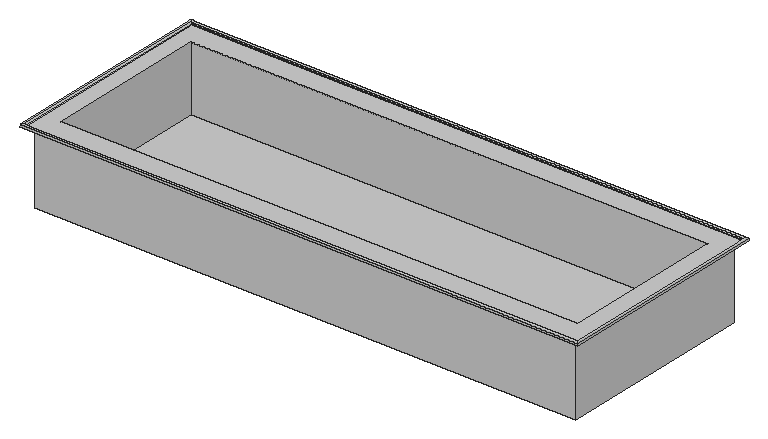
Revit family "QF_VOLLRATH_36446R", category Specialty Equipment, Revit 2016
Family settings
  Part Type = Normal
  Round Connector Dimension = Use Diameter
  OmniClass Number = 23.40.40.14.24.14
  OmniClass Title = Service Line Equipment
  Work Plane-Based = Yes
  Always vertical = Yes
  Cut with Voids When Loaded = Yes
  Shared = No
  Room Calculation Point = No
Parameters (values of type "36446R")
  Weight in Pounds = 0
  Waste Water Discharge Temperature [instance] = 0 °F
  Waste Remarks = ""
  URL Cutsheet = "www.vollrathfoodservice.com/downloads/59989/SPCDrop-inRemoteRefrigNSF7StndrdColdPanL35708en2013-07-30-pdf"
  URL = "www.vollrathfoodservice.com"
  Status [instance] = ""
  Specification by User [instance] = ""
  Specification by Manufacturer = ""
  Serial Number = ""
  Seismic Rating = ""
  SMACNA No = ""
  Revision Code [instance] = ""
  Refrigerant Volume = 0.00 kip
  Refrigerant Type [instance] = "R290"
  Plumbing Remarks [instance] = ""
  Plumbing Connection Type [instance] = ""
  NAFEM Spec ID Number = ""
  Model = "36446R"
  Masterspec = ""
  Manufacturer = "VOLLRATH US"
  Item Number [instance] = ""
  Installed By [instance] = ""
  Identify Quantity as Lot [instance] = no
  Furnished By [instance] = ""
  Foodservice Equipment Identifier [instance] = yes
  Direct Waste Size = 1"
  Direct Waste RI Height = 0"
  Direct Waste Flow = 0 GPM
  Direct Waste Connection Height = 0"
  Description = "FIVE-WELL REMOTE REFRIGERATED STANDARD DROP-IN COLD WELL"
  Default Elevation = 0"
  CSI MasterFormat = ""
  BTUH = 3900.0 Btu/h
  Author = ""
  Assembly Code = "E1090320"
Reference planes (in)
  plane 1 "Back": y = 0
  plane 2: z = 0
  plane 3 "Left": x = 0
  plane 4 "Front": y = -26
  plane 5 "Top": z = 0
  plane 6 "Right": x = 68
Forms (in)
  Extrusion 1, void
    sketch origin (0, 0, 0) x (1, 0, 0) y (0, 1, 0)
      loop
        line (67.625, -0.375) -> (0.375, -0.375) -> (0.375, -25.625) -> (67.625, -25.625) -> (67.625, -0.375)
    from 3.27425 to -8.875
  Extrusion 2, solid
    sketch origin (0, 0, 0) x (1, 0, 0) y (0, 1, 0)
      loop
        line (67.375, -0.625) -> (0.625, -0.625) -> (0.625, -25.375) -> (67.375, -25.375) -> (67.375, -0.625)
      loop
        line (2.5, -3.0625) -> (2.5, -22.9375) -> (65.5, -22.9375) -> (65.5, -3.0625) -> (2.5, -3.0625)
    from 0 to 0.14643
  Sweep 3, solid
    path origin (0, 0, 0) x (1, 0, 0) y (0, 1, 0)
      loop
        line (0.34375, -0.34375) -> (0.34375, -25.65625) -> (67.65625, -25.65625) -> (67.65625, -0.34375) -> (0.34375, -0.34375)
    profile origin (34, -0.34375, 0) x (0, 1, 0) y (0, 0, 1)
      loop
        line (0.34375, 0) -> (0.34375, 0.24548)
        arc (0.34375, 0.24548) -> (0.25632, 0.36797) -> (0.11207, 0.3251) r 0.12952
        line (0.11207, 0.3251) -> (0.00446, 0.18703)
        arc (0.00446, 0.18703) -> (-0.03241, 0.15713) -> (-0.07866, 0.14643) r 0.10539
        line (-0.07866, 0.14643) -> (-0.28125, 0.14643) -> (-0.28125, 0) -> (0.34375, 0)
  Extrusion 4, solid
    sketch origin (0, 0, 0.375) x (1, 0, 0) y (0, 1, 0)
      loop
        line (2.5, -3.0625) -> (2.5, -22.9375) -> (65.5, -22.9375) -> (65.5, -3.0625) -> (2.5, -3.0625)
      loop
        line (1, -1) -> (1, -25) -> (67, -25) -> (67, -1) -> (1, -1)
    from -9.25 to -0.375
  Extrusion 5, solid
    sketch origin (0, 0, 2.5) x (1, 0, 0) y (0, 1, 0)
      loop
        line (65.5, -3.0625) -> (2.5, -3.0625) -> (2.5, -22.9375) -> (65.5, -22.9375) -> (65.5, -3.0625)
      loop
        circle (34, -13) r 0.75
    from -11.375 to -10.305
  Extrusion 6, solid
    sketch origin (21, -4, 1.5) x (1, 0, 0) y (0, 1, 0)
      loop
        circle (13, -9) r 0.5
      loop
        circle (13, -9) r 0.75
    from -9.305 to -10.375
Cuts and joins
  joined: Extrusion 2, Sweep 3, Extrusion 4, Extrusion 5
Lines and regions (in)
  symbolic lines, style "200-EquipBorder-2D"
    curve 1: line (68, 0, 0) -> (0, 0, 0)
    curve 2: line (68, -26, 0) -> (68, 0, 0)
    curve 3: line (0, 0, 0) -> (0, -26, 0)
    curve 8: line (0, -26, 0) -> (68, -26, 0)
  symbolic lines, style "200-EquipInternal-2D"
    curve 4: line (65.5, -3.0625, 0) -> (2.5, -3.0625, 0)
    curve 5: line (65.5, -22.9375, 0) -> (65.5, -3.0625, 0)
    curve 6: line (2.5, -22.9375, 0) -> (65.5, -22.9375, 0)
    curve 7: line (2.5, -3.0625, 0) -> (2.5, -22.9375, 0)
    curve 9: arc (33.5, -13, 0) -> (34, -12.5, 0) -> (34.5, -13, 0) r 0.5
    curve 10: arc (34.5, -13, 0) -> (34, -13.5, 0) -> (33.5, -13, 0) r 0.5
    curve 11: arc (34.75, -13, 0) -> (34, -12.25, 0) -> (33.25, -13, 0) r 0.75
    curve 12: arc (33.25, -13, 0) -> (34, -13.75, 0) -> (34.75, -13, 0) r 0.75
Dimensions and locks (in)
  plane 3 "Left" to plane 6 "Right" = 68"
  plane 4 "Front" to plane 1 "Back" = 26"
  aligned and locked: level to plane 2
Connectors (in)
  piping at (34, -13, -8.875), diameter 1
    settings: on cut or joined group of Extrusion 2, Sweep 3, Extrusion 4, Extrusion 5, index 2, connector inside diameter 24", connector length 0", flow factor 0, pipe flow 0 GPM, pressure drop 0.00 psi, fitting loss kfactor 0, connector angle 0.00°, fixture units 0, engagement length 0", angle of deflection 0.00°, flow configuration 1, flow direction 2, fitting loss method 0, system type 16, joint type 0, gender type 0, connector reference index -1, connector utility 0, adjustable connector no, is connector primary yes, connector description ""
  piping at (64, -4, -8.875), diameter 0.3125
    settings: on Extrusion 4, index 3, connector inside diameter 24", connector length 0", flow factor 0, pipe flow 0 GPM, pressure drop 0.00 psi, fitting loss kfactor 0, connector angle 0.00°, fixture units 0, engagement length 0", angle of deflection 0.00°, flow configuration 1, flow direction 1, fitting loss method 0, system type 22, joint type 0, gender type 0, connector reference index -1, connector utility 0, adjustable connector no, is connector primary no, connector description "Refrigeration inlet"
  piping at (63, -4, -8.875), diameter 0.3125
    settings: on Extrusion 4, index 4, connector inside diameter 24", connector length 0", flow factor 0, pipe flow 0 GPM, pressure drop 0.00 psi, fitting loss kfactor 0, connector angle 0.00°, fixture units 0, engagement length 0", angle of deflection 0.00°, flow configuration 1, flow direction 2, fitting loss method 0, system type 22, joint type 0, gender type 0, connector reference index -1, connector utility 0, adjustable connector no, is connector primary no, connector description "Refrigeration outlet"
